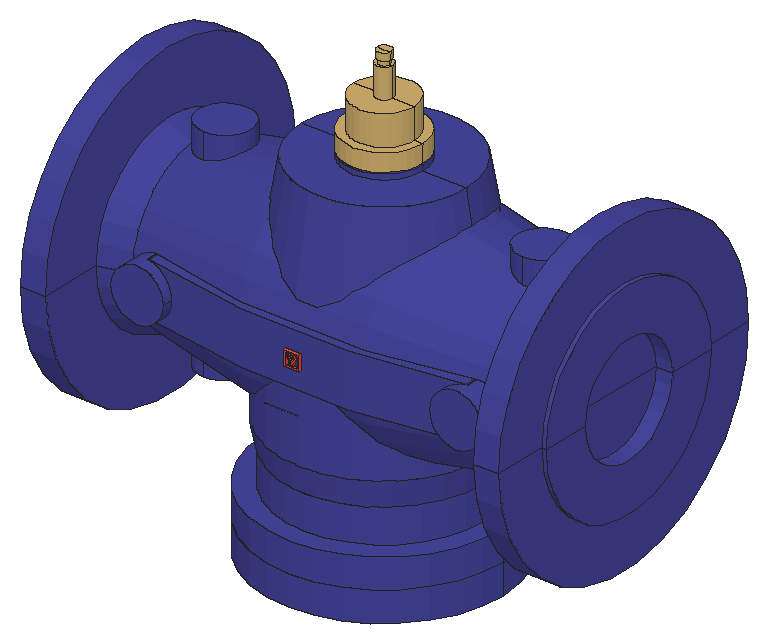
Revit family "Two port control valves 4035_PN16", category Rohrzubehör, Revit 2018
Family settings
  Bemaßung runder Anschluss = Durchmesser verwenden
  Teiletyp = Unterbricht
  OmniClass-Nummer = 23.65.55.14
  OmniClass-Titel = Valves for Liquid Services
  Arbeitsebenenbasiert = Nein
  Immer vertikal = Ja
  Beim Laden mit Abzugskörper schneiden = Nein
  Gemeinsam genutzt = Nein
Parameters (values of type "kvs63")
  kvs63 = yes
  kvs6.3 = no
  kvs40 = no
  kvs4 = no
  kvs330 = no
  kvs250 = no
  kvs25 = no
  kvs2.5 = no
  kvs160 = no
  kvs16 = no
  kvs100 = no
  kvs10 = no
  kvs1.6 = no
  kvs1 = no
  Weight [instance] = size_lookup("4035_PN16", "Gewicht", 25, Nennweite)  # 25
  Valve seat material = "WN1.4021"  # constant formula
  Valve cone material = "WN1.4021/brass"  # constant formula
  Valve curve characteristic = "equal percentage"  # constant formula
  URL = "www.herzvalves.com"
  Stem material = "WN1.4404"  # constant formula
  SCTWSEQ = "FW;SBT_TYP_FW=\"101\";2"
  SCTWCODE = "04;05;02"  # constant formula
  SCRNSEQ = "ARM;ARM_TYP=\"DURR\";2"
  SCRNCODE = "05;06;02"  # constant formula
  R14 = 4 mm  # constant formula
  R13 = 3 mm  # constant formula
  R12 = 5 mm  # constant formula
  R11 [instance] = size_lookup("4035_PN16", "R11", 18 mm, Nennweite)  # 18 mm
  R10 [instance] = size_lookup("4035_PN16", "R10", 23 mm, Nennweite)  # 23 mm
  R09 [instance] = size_lookup("4035_PN16", "R9", 49 mm, Nennweite)  # 49 mm
  R08 [instance] = R00 + 3 mm  # 68 mm
  R07 [instance] = size_lookup("4035_PN16", "R7", 15.5 mm, Nennweite)  # 15.5 mm
  R06 [instance] = size_lookup("4035_PN16", "R6", 15.5 mm, Nennweite)  # 15.5 mm
  R05 [instance] = size_lookup("4035_PN16", "R5", 62.5 mm, Nennweite)  # 62.5 mm
  R04 [instance] = size_lookup("4035_PN16", "R4", 59.5 mm, Nennweite)  # 59.5 mm
  R03 [instance] = size_lookup("4035_PN16", "R3", 43 mm, Nennweite)  # 71 mm
  R02 [instance] = size_lookup("4035_PN16", "R2", 43 mm, Nennweite)  # 43 mm
  R01 [instance] = size_lookup("4035_PN16", "R1", 55.5 mm, Nennweite)  # 55.5 mm
  R00 [instance] = size_lookup("4035_PN16", "R", 65 mm, Nennweite)  # 65 mm
  Part number [instance] = if(and(kvs1, Nennweite = 15 mm), 403501, if(and(kvs1.6, Nennweite = 15 mm), 403511, if(and(kvs2.5, Nennweite = 15 mm), 403521, if(and(kvs4, Nennweite = 15 mm), 403531, if(and(kvs6.3, Nennweite = 25 mm), 403503, if(and(kvs10, Nennweite = 25 mm), 403513, if(and(kvs16, Nennweite = 32 mm), 403504, if(and(kvs25, Nennweite = 40 mm), 403505, if(and(kvs40, Nennweite = 50 mm), 403516, if(and(kvs63, Nennweite = 65 mm), 403507, if(and(kvs100, Nennweite = 80 mm), 403508, if(and(kvs160, Nennweite = 100 mm), 403509, if(and(kvs250, Nennweite = 125 mm), 403510, if(and(kvs330, Nennweite = 150 mm), 403541, 0))))))))))))))  # 403507
  PN = 16  # constant formula
  Nennweite [instance] = 65 mm
  min. Operating temperature = 5 °C  # constant formula
  max. Operating temperature = 150 °C  # constant formula
  max. Operating pressure = 1600000.0 Pa  # constant formula
  Medium = "water purity in accordance with the ÖNORM H 5195 and VDI 2035 standards."
  LO1 [instance] = size_lookup("4035_PN16", "LO1", 28.5 mm, Nennweite)  # 68 mm
  L07 [instance] = L06 - R06  # 94.5 mm
  L06 [instance] = size_lookup("4035_PN16", "L6", 110 mm, Nennweite)  # 110 mm
  L05 [instance] = D00  # 92.5 mm
  L03 = 10 mm  # constant formula
  L02 [instance] = size_lookup("4035_PN16", "L2", 15 mm, Nennweite)  # 15 mm
  L01 = 3 mm  # constant formula
  L00 [instance] = size_lookup("4035_PN16", "L", 145 mm, Nennweite)  # 145 mm
  Hersteller = "Herz-Armaturen GmbH"  # constant formula
  H18 [instance] = 17.5 mm  # constant formula
  H15 = 4 mm  # constant formula
  H14 [instance] = size_lookup("4035_PN16", "H14", 17 mm, Nennweite)  # 17 mm
  H13 [instance] = size_lookup("4035_PN16", "H13", 18 mm, Nennweite)  # 18 mm
  H12 [instance] = size_lookup("4035_PN16", "H12", 10.5 mm, Nennweite)  # 10.5 mm
  H11 [instance] = size_lookup("4035_PN16", "H11", 52.5 mm, Nennweite)  # 52.5 mm
  H10 [instance] = size_lookup("4035_PN16", "H10", 135.4 mm, Nennweite)  # 135.4 mm
  H09 = 3 mm  # constant formula
  H08 [instance] = size_lookup("4035_PN16", "H8", 79 mm, Nennweite)  # 79 mm
  H07 [instance] = R00  # 65 mm
  H06 [instance] = size_lookup("4035_PN16", "H6", 59 mm, Nennweite)  # 59 mm
  H05 [instance] = size_lookup("4035_PN16", "H5", 20 mm, Nennweite)  # 20 mm
  H04 [instance] = size_lookup("4035_PN16", "H4", 17 mm, Nennweite)  # 17 mm
  H02 [instance] = size_lookup("4035_PN16", "H2", 38 mm, Nennweite)  # 38 mm
  H03 [instance] = size_lookup("4035_PN16", "H3", 112 mm, Nennweite)  # 112 mm
  H01 [instance] = size_lookup("4035_PN16", "H1", 14 mm, Nennweite)  # 18 mm
  Valve body material = "EN-GJL-250 (EN 1561)"  # constant formula
  Sealing element material = "70EPDM"  # constant formula
  DN80 [instance] = Nennweite = 80 mm  # no
  DN65 [instance] = Nennweite = 65 mm  # yes
  DN50 [instance] = Nennweite = 50 mm  # no
  DN40 [instance] = Nennweite = 40 mm  # no
  DN32 [instance] = Nennweite = 32 mm  # no
  DN25 [instance] = Nennweite = 25 mm  # no
  DN150 [instance] = Nennweite = 150 mm  # no
  DN15 [instance] = Nennweite = 15 mm  # no
  DN125 [instance] = Nennweite = 125 mm  # no
  DN100 [instance] = Nennweite = 100 mm  # no
  D02 [instance] = Nennweite / 2  # 32.5 mm
  D01 [instance] = size_lookup("4035_PN16", "D1", 61 mm, Nennweite)  # 61 mm
  D00 [instance] = size_lookup("4035_PN16", "D", 92.5 mm, Nennweite)  # 92.5 mm
  built-in parameter 1010103 = ""
  Description = "the two port flanged valve is primarily designed to control the flow of circulation water in district heating and HVAC systems, as well as for remote closing of heating pipelines.\r\ncirculation medium should be cold, warm and hot water in temperature range from 5°C to 150°C.\r\nthe valve can be utilized in almost all heating, ventilation and air-conditioning systems and in industrial and technological processes.\r\nthe valve curve is equal percentage.\r\nregulation ratio (ratio between nominal and minimal flow coefficient) is 30:1.\r\nthe selection of the two port flanged valve is according to the diagram of kvs values.\r\n\r\nFor PN16: Valve is closed when the stem is out. valve is open when the stem is depressed."
  Type of connection = "EN 1092-2"  # constant formula
Types (15, lengths in mm): name | kvs63 | kvs6.3 | kvs40 | kvs4 | kvs330 | kvs250 | kvs25 | kvs2.5 | kvs160 | kvs16 | kvs100 | kvs10 | kvs1.6 | kvs1 | Weight | R11 | R10 | R09 | R08 | R07 | R06 | R05 | R04 | R03 | R02 | R01 | R00 | Part number | Nennweite | Medium | LO1 | L07 | L06 | L05 | L02 | L00 | H14 | H13 | H12 | H11 | H10 | H08 | H07 | H06 | H05 | H04 | H02 | H03 | H01 | DN80 | DN65 | DN50 | DN40 | DN32 | DN25 | DN150 | DN15 | DN125 | DN100 | D02 | D01 | D00
  (no name) | yes | no | no | no | no | no | no | no | no | no | no | no | no | no | 25 | 18 | 23 | 49 | 68 | 15.5 | 15.5 | 62.5 | 59.5 | 71 | 43 | 55.5 | 65 | 403507 | 65 | "water purity in accordance with the ÖNORM H 5195 and VDI 2035 standards." | 68 | 94.5 | 110 | 92.5 | 15 | 145 | 17 | 18 | 10.5 | 52.5 | 135.4 | 79 | 65 | 59 | 20 | 17 | 38 | 112 | 18 | no | yes | no | no | no | no | no | no | no | no | 32.5 | 61 | 92.5
  kvs1 | no | no | no | no | no | no | no | no | no | no | no | no | no | yes | 5 | 10 | 15 | 19.5 | 29.5 | 6 | 6 | 24 | 21 | 32.5 | 14 | 17 | 26.5 | 403501 | 15 | "water purity in accordance with the ÖNORM H 5195 and VDI 2035 standards." | 27.5 | 34 | 40 | 47.5 | 11 | 65 | 13 | 14 | 6.8 | 40.8 | 80.3 | 36.5 | 26.5 | 24.5 | 5 | 13 | 11 | 49 | 14 | no | no | no | no | no | no | no | yes | no | no | 7.5 | 22.5 | 47.5
  kvs1.6 | no | no | no | no | no | no | no | no | no | no | no | no | yes | no | 5 | 10 | 15 | 19.5 | 29.5 | 6 | 6 | 24 | 21 | 32.5 | 14 | 17 | 26.5 | 403511 | 15 | "water purity in accordance with the ÖNORM H 5195 and VDI 2035 standards" | 27.5 | 34 | 40 | 47.5 | 11 | 65 | 13 | 14 | 6.8 | 40.8 | 80.3 | 36.5 | 26.5 | 24.5 | 5 | 13 | 11 | 49 | 14 | no | no | no | no | no | no | no | yes | no | no | 7.5 | 22.5 | 47.5
  kvs2.5 | no | no | no | no | no | no | no | yes | no | no | no | no | no | no | 5 | 10 | 15 | 19.5 | 29.5 | 6 | 6 | 24 | 21 | 32.5 | 14 | 17 | 26.5 | 403521 | 15 | "water purity in accordance with the ÖNORM H 5195 and VDI 2035 standards" | 27.5 | 34 | 40 | 47.5 | 11 | 65 | 13 | 14 | 6.8 | 40.8 | 80.3 | 36.5 | 26.5 | 24.5 | 5 | 13 | 11 | 49 | 14 | no | no | no | no | no | no | no | yes | no | no | 7.5 | 22.5 | 47.5
  kvs4 | no | no | no | yes | no | no | no | no | no | no | no | no | no | no | 5 | 10 | 15 | 19.5 | 29.5 | 6 | 6 | 24 | 21 | 32.5 | 14 | 17 | 26.5 | 403531 | 15 | "water purity in accordance with the ÖNORM H 5195 and VDI 2035 standards" | 27.5 | 34 | 40 | 47.5 | 11 | 65 | 13 | 14 | 6.8 | 40.8 | 80.3 | 36.5 | 26.5 | 24.5 | 5 | 13 | 11 | 49 | 14 | no | no | no | no | no | no | no | yes | no | no | 7.5 | 22.5 | 47.5
  kvs6.3 | no | yes | no | no | no | no | no | no | no | no | no | no | no | no | 8 | 10 | 15 | 19.5 | 41 | 7 | 7 | 35.5 | 32.5 | 44 | 19.5 | 28.5 | 38 | 403503 | 25 | "water purity in accordance with the ÖNORM H 5195 and VDI 2035 standards" | 40 | 45 | 52 | 57.5 | 13 | 80 | 13 | 14 | 6.8 | 40.8 | 88.3 | 44.5 | 38 | 35 | 5 | 15 | 3 | 64 | 16 | no | no | no | no | no | yes | no | no | no | no | 12.5 | 34 | 57.5
  kvs10 | no | no | no | no | no | no | no | no | no | no | no | yes | no | no | 8 | 10 | 15 | 19.5 | 41 | 7 | 7 | 35.5 | 32.5 | 44 | 19.5 | 28.5 | 38 | 403513 | 25 | "water purity in accordance with the ÖNORM H 5195 and VDI 2035 standards" | 40 | 45 | 52 | 57.5 | 13 | 80 | 13 | 14 | 6.8 | 40.8 | 88.3 | 44.5 | 38 | 35 | 5 | 15 | 3 | 64 | 16 | no | no | no | no | no | yes | no | no | no | no | 12.5 | 34 | 57.5
  kvs16 | no | no | no | no | no | no | no | no | no | yes | no | no | no | no | 11.5 | 10 | 15 | 20.5 | 46 | 9 | 9 | 40.5 | 37.5 | 49 | 24.5 | 33.5 | 43 | 403504 | 32 | "water purity in accordance with the ÖNORM H 5195 and VDI 2035 standards" | 45 | 51 | 60 | 70 | 13 | 90 | 17 | 18 | 10.5 | 52.5 | 102 | 46.5 | 43 | 39 | 15 | 15 | 4 | 84 | 16 | no | no | no | no | yes | no | no | no | no | no | 16 | 39 | 70
  kvs25 | no | no | no | no | no | no | yes | no | no | no | no | no | no | no | 13 | 10 | 15 | 20.5 | 51 | 12 | 12 | 45.5 | 42.5 | 54 | 29 | 38.5 | 48 | 403505 | 40 | "water purity in accordance with the ÖNORM H 5195 and VDI 2035 standards" | 50 | 56 | 68 | 75 | 13 | 100 | 17 | 18 | 10.5 | 52.5 | 112 | 56.5 | 48 | 43 | 20 | 15 | 1 | 94 | 16 | no | no | no | yes | no | no | no | no | no | no | 20 | 44 | 75
  kvs63 | yes | no | no | no | no | no | no | no | no | no | no | no | no | no | 25 | 18 | 23 | 49 | 68 | 15.5 | 15.5 | 62.5 | 59.5 | 71 | 43 | 55.5 | 65 | 403507 | 65 | "water purity in accordance with the ÖNORM H 5195 and VDI 2035 standards." | 68 | 94.5 | 110 | 92.5 | 15 | 145 | 17 | 18 | 10.5 | 52.5 | 135.4 | 79 | 65 | 59 | 20 | 17 | 38 | 112 | 18 | no | yes | no | no | no | no | no | no | no | no | 32.5 | 61 | 92.5
  kvs100 | no | no | no | no | no | no | no | no | no | no | yes | no | no | no | 31 | 18 | 23 | 49 | 76 | 15.5 | 15.5 | 70.5 | 67.5 | 79 | 51 | 63.5 | 73 | 403508 | 80 | "water purity in accordance with the ÖNORM H 5195 and VDI 2035 standards" | 77 | 99.5 | 115 | 100 | 17 | 155 | 17 | 18 | 10.5 | 52.5 | 168.5 | 113 | 73 | 65 | 20 | 19 | 46 | 125 | 20 | yes | no | no | no | no | no | no | no | no | no | 40 | 69 | 100
  kvs160 | no | no | no | no | no | no | no | no | yes | no | no | no | no | no | 46 | 30 | 35 | 61 | 86 | 20.5 | 20.5 | 80.5 | 77.5 | 89 | 61 | 73.5 | 83 | 403509 | 100 | "water purity in accordance with the ÖNORM H 5195 and VDI 2035 standards" | 88 | 112.5 | 133 | 110 | 17 | 175 | 21 | 22 | 14.2 | 64.2 | 189.7 | 122.5 | 83 | 73 | 25 | 19 | 65 | 135 | 20 | no | no | no | no | no | no | no | no | no | yes | 50 | 79 | 110
  kvs250 | no | no | no | no | no | yes | no | no | no | no | no | no | no | no | 72 | 30 | 35 | 61 | 101 | 20.5 | 20.5 | 95.5 | 92.5 | 104 | 76 | 88.5 | 98 | 403510 | 125 | "water purity in accordance with the ÖNORM H 5195 and VDI 2035 standards" | 103 | 134.5 | 155 | 125 | 19 | 200 | 21 | 22 | 14.2 | 64.2 | 231 | 163.5 | 98 | 80 | 30 | 21 | 44 | 158 | 21 | no | no | no | no | no | no | no | no | yes | no | 62.5 | 94 | 125
  kvs330 | no | no | no | no | yes | no | no | no | no | no | no | no | no | no | 91 | 30 | 35 | 61 | 113 | 20.5 | 20.5 | 107.5 | 104.5 | 116 | 88 | 100.5 | 110 | 403541 | 150 | "water purity in accordance with the ÖNORM H 5195 and VDI 2035 standards" | 115 | 174.5 | 195 | 142.5 | 19 | 240 | 21 | 22 | 14.2 | 64.2 | 237.5 | 170 | 110 | 85 | 25 | 21 | 42 | 153 | 21 | no | no | no | no | no | no | yes | no | no | no | 75 | 106 | 142.5
  kvs40 | no | no | yes | no | no | no | no | no | no | no | no | no | no | no | 16 | 18 | 23 | 49 | 56 | 13.5 | 13.5 | 52.5 | 49.5 | 61 | 34 | 45.5 | 53 | 403516 | 50 | "water purity in accordance with the ÖNORM H 5195 and VDI 2035 standards" | 56 | 66.5 | 80 | 82.5 | 15 | 115 | 17 | 18 | 10.5 | 52.5 | 122 | 66.5 | 53 | 43 | 1 | 15 | 42 | 67 | 18 | no | no | yes | no | no | no | no | no | no | no | 25 | 51 | 82.5
Reference planes
  plane 1 "Mitte (Vorne/hinten)": y = 0
  plane 2: z = 0
  plane 3 "Mitte (Links/rechts)": x = 0
Forms (mm)
  Revolve 1, solid, material "kunststoff-BLAU", detail levels fine
    sketch origin (1065, 0, 0) x (1, 0, 0) y (0, 1, 0)
      loop
        line (-1207, 61) -> (-1210, 61) -> (-1210, 32.5) -> (-1200, 32.5) -> (-1200, 0) -> (-930, 0) -> (-930, 32.5) -> (-920, 32.5) -> (-920, 61) -> (-923, 61) -> (-923, 92.5) -> (-938, 92.5) -> (-938, 55.5) -> (-955, 49.943)
        arc (-955, 49.943) -> (-1065, 65) -> (-1175, 49.943) r 409.331
        line (-1175, 49.943) -> (-1192, 55.5) -> (-1192, 92.5) -> (-1207, 92.5) -> (-1207, 61)
      axis (-920, 0) -> (-1210, 0)
    angle from 0 to 360
  Extrusion 2, solid, material "kunststoff-BLAU", detail levels fine
    sketch origin (0, 0, 0) x (-1, 0, 0) y (0, 0, -1)
      loop
        circle (94.5, 0) r 15.5
      loop
        circle (-94.5, 0) r 15.5
    from -65 to 65
  Extrusion 3, solid, material "kunststoff-BLAU", visible <- "DN65", detail levels fine
    sketch origin (0, 0, 0) x (1, 0, 0) y (0, 1, 0)
      loop
        arc (-95, -56.907) -> (0, -68) -> (95, -56.907) r 412.331
        line (95, -56.907) -> (95, 56.907)
        arc (95, 56.907) -> (0, 68) -> (-95, 56.907) r 412.331
        line (-95, 56.907) -> (-95, -56.907)
    from -15.5 to 15.5
  Revolve 4, solid, material "kunststoff-BLAU", detail levels fine
    sketch origin (0, 0, 0) x (1, 0, 0) y (0, 0, 1)
      loop
        line (-49, 79) -> (-62.5, 0) -> (0, 0) -> (0, 82) -> (-23, 82) -> (-23, 79) -> (-49, 79)
      axis (0, 82) -> (0, 0)
    angle from 0 to 360
  Revolve 5, solid, material "kunststoff-BLAU", detail levels fine
    sketch origin (0, 0, 0) x (1, 0, 0) y (0, 0, 1)
      loop
        line (0, 0) -> (-62.5, 0) -> (-62.5, -59) -> (-59.5, -74.5) -> (-59.5, -94.5) -> (-71, -94.5) -> (-71, -112) -> (0, -112) -> (0, 0)
      axis (0, 0) -> (0, -112)
    angle from 0 to 360
  Revolve 6, solid, material "kunststoff-BLAU", detail levels fine
    sketch origin (0, 0, 0) x (1, 0, 0) y (0, 0, 1)
      loop
        line (0, -112) -> (-71, -112) -> (-71, -130) -> (0, -130) -> (0, -112)
      axis (0, -112) -> (0, -130)
    angle from 0 to 360
  Extrusion 7, solid, material "kunststoff-BLAU", detail levels fine
    sketch origin (0, 0, 0) x (0, -1, 0) y (1, 0, 0)
      loop
        circle (0, -94.5) r 15.5
      loop
        circle (0, 94.5) r 15.5
    from -65 to 65
  Extrusion 8, solid, material "kunststoff-BLAU", visible <- "DN150", detail levels fine
    sketch origin (0, 0, 0) x (1, 0, 0) y (0, 1, 0)
      loop
        arc (-179.5, -78.475) -> (0, -115) -> (179.5, -78.475) r 459.331
        line (179.5, -78.475) -> (179.5, 78.475)
        arc (179.5, 78.475) -> (0, 115) -> (-179.5, 78.475) r 459.331
        line (-179.5, 78.475) -> (-179.5, -78.475)
    from -20.5 to 20.5
  Extrusion 9, solid, material "kunststoff-BLAU", visible <- "DN125", detail levels fine
    sketch origin (0, 0, 0) x (1, 0, 0) y (0, 1, 0)
      loop
        arc (-134.5, -82.301) -> (0, -103) -> (134.5, -82.301) r 447.331
        line (134.5, -82.301) -> (134.5, 82.301)
        arc (134.5, 82.301) -> (0, 103) -> (-134.5, 82.301) r 447.331
        line (-134.5, 82.301) -> (-134.5, -82.301)
    from -20.5 to 20.5
  Extrusion 10, solid, material "kunststoff-BLAU", visible <- "DN100", detail levels fine
    sketch origin (0, 0, 0) x (1, 0, 0) y (0, 1, 0)
      loop
        arc (-112.5, -73.106) -> (0, -88) -> (112.5, -73.106) r 432.331
        line (112.5, -73.106) -> (112.5, 73.106)
        arc (112.5, 73.106) -> (0, 88) -> (-112.5, 73.106) r 432.331
        line (-112.5, 73.106) -> (-112.5, -73.106)
    from -20.5 to 20.5
  Extrusion 11, solid, material "kunststoff-BLAU", visible <- "DN80", detail levels fine
    sketch origin (0, 0, 0) x (1, 0, 0) y (0, 1, 0)
      loop
        line (99.5, -65.083) -> (99.5, 65.083)
        arc (99.5, 65.083) -> (0, 77) -> (-99.5, 65.083) r 421.331
        line (-99.5, 65.083) -> (-99.5, -65.083)
        arc (-99.5, -65.083) -> (0, -77) -> (99.5, -65.083) r 421.331
    from -15.5 to 15.5
  Extrusion 12, solid, material "kunststoff-BLAU", visible <- "DN50", detail levels fine
    sketch origin (0, 0, 0) x (1, 0, 0) y (0, 1, 0)
      loop
        arc (-66.5, -50.44) -> (0, -56.006) -> (66.5, -50.44) r 400.05
        line (66.5, -50.44) -> (66.5, 50.44)
        arc (66.5, 50.44) -> (0, 56.006) -> (-66.5, 50.44) r 400.05
        line (-66.5, 50.44) -> (-66.5, -50.44)
    from -13.5 to 13.5
  Extrusion 13, solid, material "kunststoff-BLAU", visible <- "DN40", detail levels fine
    sketch origin (0, 0, 0) x (1, 0, 0) y (0, 1, 0)
      loop
        arc (-56, -46.003) -> (0, -50) -> (56, -46.003) r 394.331
        line (56, -46.003) -> (56, 46.003)
        arc (56, 46.003) -> (0, 50) -> (-56, 46.003) r 394.331
        line (-56, 46.003) -> (-56, -46.003)
    from -12 to 12
  Extrusion 14, solid, material "kunststoff-BLAU", visible <- "DN32", detail levels fine
    sketch origin (0, 0, 0) x (1, 0, 0) y (0, 1, 0)
      loop
        arc (-51, -41.645) -> (0, -45) -> (51, -41.645) r 389.331
        line (51, -41.645) -> (51, 41.645)
        arc (51, 41.645) -> (0, 45) -> (-51, 41.645) r 389.331
        line (-51, 41.645) -> (-51, -41.645)
    from -9 to 9
  Extrusion 15, solid, material "kunststoff-BLAU", visible <- "DN25", detail levels fine
    sketch origin (0, 0, 0) x (1, 0, 0) y (0, 1, 0)
      loop
        line (45, -37.356) -> (45, 37.356)
        arc (45, 37.356) -> (0, 40) -> (-45, 37.356) r 384.331
        line (-45, 37.356) -> (-45, -37.356)
        arc (-45, -37.356) -> (0, -40) -> (45, -37.356) r 384.331
    from -7 to 7
  Extrusion 16, solid, material "kunststoff-BLAU", visible <- "DN15", detail levels fine
    sketch origin (0, 0, 0) x (1, 0, 0) y (0, 1, 0)
      loop
        line (-34, 25.942) -> (-34, -25.942)
        arc (-34, -25.942) -> (0, -27.5) -> (34, -25.942) r 371.831
        line (34, -25.942) -> (34, 25.942)
        arc (34, 25.942) -> (0, 27.5) -> (-34, 25.942) r 371.831
    from -6 to 6
  Revolve 17, solid, material "Messing-poliert", detail levels fine
    sketch origin (0, 0, 0) x (1, 0, 0) y (0, 0, 1)
      loop
        line (-23, 93.4) -> (-23, 82.9) -> (0, 82.9) -> (0, 135.4) -> (-4, 135.4) -> (-4, 131.4) -> (-3, 131.4) -> (-3, 128.4) -> (-5, 128.4) -> (-5, 111.4) -> (-18, 111.4) -> (-18, 93.4) -> (-23, 93.4)
      axis (0, 135.4) -> (0, 82.9)
    angle from 0 to 360
Lines and regions (mm)
  model lines, detail levels coarse+medium
    curve 1: line (145, 0, 92.5) -> (145, 0, -92.5)
    curve 2: line (145, 0, -92.5) -> (-145, 0, 92.5)
    curve 3: line (-145, 0, 92.5) -> (-145, 0, -92.5)
    curve 4: line (-145, 0, -92.5) -> (145, 0, 92.5)
    curve 5: line (145, 92.5, 0) -> (145, -92.5, 0)
    curve 6: line (145, -92.5, 0) -> (-145, 92.5, 0)
    curve 7: line (-145, 92.5, 0) -> (-145, -92.5, 0)
    curve 8: line (-145, -92.5, 0) -> (145, 92.5, 0)
Dimensions and locks
  "L00": Revolve 1 sketch curve to plane 3 "Mitte (Links/rechts)" to Revolve 1 sketch curve
  "D00": plane 1 "Mitte (Vorne/hinten)" to Revolve 1 sketch curve  (x2)
  "D02": plane 1 "Mitte (Vorne/hinten)" to Revolve 1 sketch curve  (x2)
  "L01": Revolve 1 sketch curve to Revolve 1 sketch curve  (x2)
  "L02": Revolve 1 sketch curve to Revolve 1 sketch curve  (x2)
  "D01": plane 1 "Mitte (Vorne/hinten)" to Revolve 1 sketch curve  (x2)
  "R01": plane 1 "Mitte (Vorne/hinten)" to Revolve 1 sketch curve  (x2)
  "R00": Revolve 1 sketch curve to Revolve 1 sketch curve
  "L03": Revolve 1 sketch curve to Revolve 1 sketch curve  (x2)
  "H01": Revolve 6 sketch curve to Revolve 6 sketch curve
  "R03": plane 3 "Mitte (Links/rechts)" to Revolve 6 sketch curve
  "R03": Revolve 5 sketch curve to Revolve 5 sketch curve
  "H03": plane 2 to Revolve 5 sketch curve
  "H06": Revolve 5 sketch curve to Revolve 5 sketch curve
  "R04": Revolve 5 sketch curve to Revolve 5 sketch curve
  "R05": Revolve 5 sketch curve to Revolve 5 sketch curve
  "H05": Revolve 5 sketch curve to Revolve 5 sketch curve
  "L06": Revolve 1 sketch curve to plane 3 "Mitte (Links/rechts)" to Revolve 1 sketch curve
  "H03": plane 2 to Revolve 6 sketch curve
  "R09": Revolve 4 sketch curve to Revolve 4 sketch curve
  "R05": Revolve 4 sketch curve to Revolve 4 sketch curve
  "H07": Extrusion 7 to plane 2 to Extrusion 7  (x2)
  "L07": plane 3 "Mitte (Links/rechts)" to Extrusion 7 sketch curve
  "L07": Extrusion 7 sketch curve to plane 3 "Mitte (Links/rechts)"
  "H07": Extrusion 2 to plane 1 "Mitte (Vorne/hinten)"  (x3)
  "L07": plane 3 "Mitte (Links/rechts)" to Extrusion 2 sketch curve
  "L07": Extrusion 2 sketch curve to plane 3 "Mitte (Links/rechts)"
  "H07": plane 1 "Mitte (Vorne/hinten)" to Extrusion 2
  "H08": Revolve 4 sketch curve to plane 2
  "H09": Revolve 4 sketch curve to Revolve 4 sketch curve
  "R10": plane 3 "Mitte (Links/rechts)" to Revolve 4 sketch curve
  "H11": Revolve 17 sketch curve to Revolve 17 sketch curve
  "H10": Revolve 17 sketch curve to plane 2
  "R10": plane 3 "Mitte (Links/rechts)" to Revolve 17 sketch curve
  "H12": Revolve 17 sketch curve to Revolve 17 sketch curve
  "H13": Revolve 17 sketch curve to Revolve 17 sketch curve
  "H14": Revolve 17 sketch curve to Revolve 17 sketch curve
  "H15": Revolve 17 sketch curve to Revolve 17 sketch curve
  "R14": plane 3 "Mitte (Links/rechts)" to Revolve 17 sketch curve
  "R13": plane 3 "Mitte (Links/rechts)" to Revolve 17 sketch curve
  "R11": plane 3 "Mitte (Links/rechts)" to Revolve 17 sketch curve
  "R12": plane 3 "Mitte (Links/rechts)" to Revolve 17 sketch curve
  "LO1": nested 1 to plane 1 "Mitte (Vorne/hinten)"
  "H18": Revolve 5 sketch curve to Revolve 6
  "D00": curve 3 to plane 2 to curve 4
  "D00": curve 4 to plane 2 to curve 2
  "L00": curve 3 to plane 3 "Mitte (Links/rechts)" to curve 1
  "D00": curve 8 to plane 1 "Mitte (Vorne/hinten)" to curve 7
  "D00": curve 5 to plane 1 "Mitte (Vorne/hinten)" to curve 8
  "L00": curve 7 to plane 3 "Mitte (Links/rechts)" to curve 5
  "R06": radius of Extrusion 7 sketch curve  (x2)
  "R07": radius of Extrusion 2 sketch curve  (x2)
  aligned and locked: level to plane 2
Automatic sketch dimensions
  Extrusion 3 sketch curve to plane 1 "Mitte (Vorne/hinten)" = 56.907 mm  (x2)
  Extrusion 3 sketch curve to plane 3 "Mitte (Links/rechts)" = 0 mm  (x2)
  Extrusion 3 sketch curve to Extrusion 3 sketch curve = 113.814 mm
  Extrusion 3 sketch curve to Extrusion 3 sketch curve = 287.425 mm
  Extrusion 3 sketch curve to plane 1 "Mitte (Vorne/hinten)" = 344.331 mm
  plane 3 "Mitte (Links/rechts)" to Extrusion 3 sketch curve = 95 mm
  Extrusion 8 sketch curve to plane 3 "Mitte (Links/rechts)" = 0 mm  (x2)
  Extrusion 8 sketch curve to plane 1 "Mitte (Vorne/hinten)" = 78.475 mm  (x2)
  plane 1 "Mitte (Vorne/hinten)" to Extrusion 8 sketch curve = 78.475 mm
  Extrusion 8 sketch curve to plane 3 "Mitte (Links/rechts)" = 179.5 mm
  Extrusion 8 sketch curve to Extrusion 8 sketch curve = 265.857 mm
  Extrusion 8 sketch curve to plane 1 "Mitte (Vorne/hinten)" = 344.331 mm
  plane 3 "Mitte (Links/rechts)" to Extrusion 9 sketch curve = 134.5 mm
  plane 1 "Mitte (Vorne/hinten)" to Extrusion 9 sketch curve = 82.301 mm  (x2)
  Extrusion 9 sketch curve to plane 3 "Mitte (Links/rechts)" = 0 mm  (x2)
  Extrusion 9 sketch curve to Extrusion 9 sketch curve = 262.031 mm  (x2)
  Extrusion 9 sketch curve to plane 1 "Mitte (Vorne/hinten)" = 82.301 mm
  Extrusion 10 sketch curve to plane 3 "Mitte (Links/rechts)" = 0 mm  (x2)
  plane 1 "Mitte (Vorne/hinten)" to Extrusion 10 sketch curve = 73.106 mm
  Extrusion 10 sketch curve to plane 3 "Mitte (Links/rechts)" = 112.5 mm
  Extrusion 10 sketch curve to Extrusion 10 sketch curve = 271.225 mm
  Extrusion 10 sketch curve to plane 1 "Mitte (Vorne/hinten)" = 344.331 mm
  Extrusion 10 sketch curve to plane 1 "Mitte (Vorne/hinten)" = 73.106 mm  (x2)
  Extrusion 11 sketch curve to plane 3 "Mitte (Links/rechts)" = 0 mm  (x2)
  plane 1 "Mitte (Vorne/hinten)" to Extrusion 11 sketch curve = 65.083 mm  (x2)
  Extrusion 11 sketch curve to plane 3 "Mitte (Links/rechts)" = 99.5 mm
  Extrusion 11 sketch curve to Extrusion 11 sketch curve = 279.249 mm
  Extrusion 11 sketch curve to plane 1 "Mitte (Vorne/hinten)" = 344.331 mm
  Extrusion 11 sketch curve to plane 1 "Mitte (Vorne/hinten)" = 65.083 mm
  Extrusion 12 sketch curve to plane 3 "Mitte (Links/rechts)" = 0 mm  (x2)
  Extrusion 12 sketch curve to plane 3 "Mitte (Links/rechts)" = 66.5 mm
  plane 3 "Mitte (Links/rechts)" to Extrusion 12 sketch curve = 66.5 mm
  plane 1 "Mitte (Vorne/hinten)" to Extrusion 12 sketch curve = 344.044 mm
  plane 1 "Mitte (Vorne/hinten)" to Extrusion 12 sketch curve = 50.44 mm
  Extrusion 12 sketch curve to plane 1 "Mitte (Vorne/hinten)" = 50.44 mm
  Extrusion 12 sketch curve to Extrusion 12 sketch curve = 293.604 mm
  Extrusion 13 sketch curve to plane 3 "Mitte (Links/rechts)" = 0 mm  (x2)
  Extrusion 13 sketch curve to plane 3 "Mitte (Links/rechts)" = 56 mm
  plane 3 "Mitte (Links/rechts)" to Extrusion 13 sketch curve = 56 mm
  plane 1 "Mitte (Vorne/hinten)" to Extrusion 13 sketch curve = 344.331 mm
  plane 1 "Mitte (Vorne/hinten)" to Extrusion 13 sketch curve = 46.003 mm
  Extrusion 13 sketch curve to plane 1 "Mitte (Vorne/hinten)" = 46.003 mm
  Extrusion 13 sketch curve to Extrusion 13 sketch curve = 298.328 mm
  Extrusion 14 sketch curve to plane 3 "Mitte (Links/rechts)" = 0 mm  (x2)
  Extrusion 14 sketch curve to plane 3 "Mitte (Links/rechts)" = 51 mm
  plane 3 "Mitte (Links/rechts)" to Extrusion 14 sketch curve = 51 mm
  plane 1 "Mitte (Vorne/hinten)" to Extrusion 14 sketch curve = 344.331 mm
  plane 1 "Mitte (Vorne/hinten)" to Extrusion 14 sketch curve = 41.645 mm
  Extrusion 14 sketch curve to plane 1 "Mitte (Vorne/hinten)" = 41.645 mm
  Extrusion 14 sketch curve to Extrusion 14 sketch curve = 302.686 mm
  Extrusion 15 sketch curve to plane 3 "Mitte (Links/rechts)" = 0 mm  (x2)
  Extrusion 15 sketch curve to plane 3 "Mitte (Links/rechts)" = 45 mm
  plane 3 "Mitte (Links/rechts)" to Extrusion 15 sketch curve = 45 mm
  plane 1 "Mitte (Vorne/hinten)" to Extrusion 15 sketch curve = 344.331 mm
  plane 1 "Mitte (Vorne/hinten)" to Extrusion 15 sketch curve = 37.356 mm
  Extrusion 15 sketch curve to plane 1 "Mitte (Vorne/hinten)" = 37.356 mm
  Extrusion 15 sketch curve to Extrusion 15 sketch curve = 306.975 mm
  Extrusion 16 sketch curve to plane 3 "Mitte (Links/rechts)" = 0 mm  (x2)
  Extrusion 16 sketch curve to plane 3 "Mitte (Links/rechts)" = 34 mm
  plane 3 "Mitte (Links/rechts)" to Extrusion 16 sketch curve = 34 mm
  plane 1 "Mitte (Vorne/hinten)" to Extrusion 16 sketch curve = 344.331 mm
  plane 1 "Mitte (Vorne/hinten)" to Extrusion 16 sketch curve = 25.942 mm
  Extrusion 16 sketch curve to plane 1 "Mitte (Vorne/hinten)" = 25.942 mm
  Extrusion 16 sketch curve to Extrusion 16 sketch curve = 318.389 mm
  Revolve 1 sketch curve to plane 1 "Mitte (Vorne/hinten)" = 0 mm
  Revolve 1 sketch curve to plane 3 "Mitte (Links/rechts)" = 0 mm
  plane 1 "Mitte (Vorne/hinten)" to Revolve 1 sketch curve = 0 mm
  plane 1 "Mitte (Vorne/hinten)" to Revolve 1 sketch curve = 344.331 mm
  Revolve 1 sketch curve to Revolve 1 sketch curve = 1855 mm  (x2)
  Extrusion 2 sketch curve to level = 0 mm  (x2)
  Revolve 4 sketch curve to level = 0 mm
  Revolve 4 sketch curve to plane 3 "Mitte (Links/rechts)" = 0 mm  (x2)
  Revolve 4 sketch curve to Revolve 4 sketch curve = 366.045 mm
  Revolve 4 sketch curve to Revolve 4 sketch curve = 2132.315 mm
  Revolve 5 sketch curve to level = 0 mm
  Revolve 5 sketch curve to plane 3 "Mitte (Links/rechts)" = 0 mm  (x2)
  Revolve 5 sketch curve to Revolve 5 sketch curve = 254.045 mm
  level to Revolve 5 sketch curve = 2214.315 mm
  Revolve 6 sketch curve to plane 3 "Mitte (Links/rechts)" = 0 mm  (x2)
  Revolve 6 sketch curve to Revolve 6 sketch curve = 0 mm
  level to Revolve 6 sketch curve = 2214.315 mm
  plane 1 "Mitte (Vorne/hinten)" to Extrusion 7 sketch curve = 0 mm  (x2)
  Revolve 17 sketch curve to plane 3 "Mitte (Links/rechts)" = 0 mm  (x2)
  Revolve 17 sketch curve to level = 366.045 mm
  Revolve 17 sketch curve to Revolve 17 sketch curve = 2079.815 mm
Nested families
  nested 1: "Herz-Logo-vorne" at (-0.018, -68, 0) x (0, 1, 0) z (0, 0, 1), type "Herz-Logo-vorne", detail levels fine
Connectors
  piping at (-145, 0, 0), diameter 65, driven by "Nennweite"
    settings: on Revolve 1, index 1, connector inside diameter 609.6 mm, connector length 0 mm, flow factor 0, pipe flow 0.0 L/s, pressure drop 0.0 Pa, fitting loss kfactor 0, connector angle 0.00°, fixture units 0, engagement length 0 mm, angle of deflection 0.00°, flow configuration 0, flow direction 1, fitting loss method 0, system type 29, joint type 0, gender type 0, connector reference index -1, connector utility 0, adjustable connector no, is connector primary yes, connector description ""
  piping at (145, 0, 0), diameter 65, driven by "Nennweite"
    settings: on Revolve 1, index 2, connector inside diameter 609.6 mm, connector length 0 mm, flow factor 0, pipe flow 0.0 L/s, pressure drop 0.0 Pa, fitting loss kfactor 0, connector angle 0.00°, fixture units 0, engagement length 0 mm, angle of deflection 0.00°, flow configuration 0, flow direction 2, fitting loss method 0, system type 29, joint type 0, gender type 0, connector reference index -1, connector utility 0, adjustable connector no, is connector primary no, connector description ""
Definition of nested family "Herz-Logo-vorne"
  Reference planes
    plane 1 "Mitte (Vorne/hinten)": y = 0
    plane 2: z = 0
    plane 3 "Mitte (Links/rechts)": x = 0
  Forms (mm)
    Extrusion 1, solid
      sketch origin (0.732, -0.018, 0.017) x (0, -1, 0) y (0, 0, 1)
        loop
          line (-0.018, -4.517) -> (4.482, -4.517) -> (4.482, 4.483) -> (-4.518, 4.483) -> (-4.518, -4.517) -> (-0.018, -4.517)
        loop
          line (-0.05, -3.48) -> (3.482, -3.48) -> (3.482, 3.483) -> (-3.518, 3.483) -> (-3.518, -3.48) -> (-0.05, -3.48)
        loop
          arc (-0.018, 2.383) -> (-1.543, 3.287) -> (-3.067, 2.383) r 1.738
          arc (-3.067, 2.383) -> (-3.191, 1.899) -> (-3.067, 1.415) r 1.009
          line (-3.067, 1.415) -> (-0.018, -3.281) -> (3.032, 1.415)
          arc (3.032, 1.415) -> (3.156, 1.899) -> (3.032, 2.383) r 1.009
          arc (3.032, 2.383) -> (1.507, 3.287) -> (-0.018, 2.383) r 1.738
        loop
          arc (1.885, 1.272) -> (2.005, 1.675) -> (1.885, 2.079) r 0.74
          arc (1.885, 2.079) -> (1.265, 2.416) -> (0.644, 2.079) r 0.74
          line (0.644, 2.079) -> (-0.018, 0.97) -> (-0.679, 2.079)
          arc (-0.679, 2.079) -> (-1.3, 2.416) -> (-1.921, 2.079) r 0.74
          arc (-1.921, 2.079) -> (-2.04, 1.675) -> (-1.921, 1.272) r 0.74
          line (-1.921, 1.272) -> (-0.018, -1.658) -> (1.885, 1.272)
      from 0 to 1.5
  Dimensions and locks
    aligned and locked: level to plane 2
